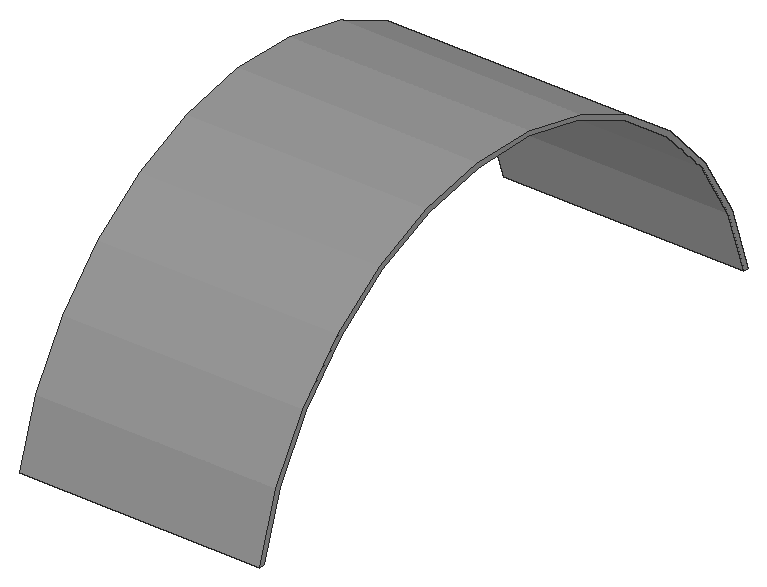
Revit family "Curved Walls Barrel", category Generic Models, Revit 2016
Family settings
  Part Type = Normal
  Can host rebar = No
  Round Connector Dimension = Use Diameter
  Work Plane-Based = No
  Cut with Voids When Loaded = No
  Shared = No
  Room Calculation Point = No
Parameters (values of type "1/2" Thk. x 4' High x 10' Wide")
  Width = 10' - 0"
  URL = "www.curvedwalls.ca"
  Thickness of GWB (1/2") = 0' - 0 1/2"
  Radius = (Height of Barrel / 2) + ((Width ^ 2) / (8 * Height of Barrel))  # 5' - 1 1/2"
  Manufacturer = "Curved Walls Inc"
  built-in parameter 1001306 [instance] = 4' - 0"
  Height of Barrel = 4' - 0"
  Description = "Prefabricated Drywall Profiles"
  Barrel AFF = 6' - 0"
  2 Layers of GWB = yes
Types (3): name | Width | Radius | Height of Barrel
  (no name) | 10' - 0" | 5' - 1 1/2" | 4' - 0"
  1/2" Thk. x 3' High x 6' Wide | 6' - 0" | 3' - 0" | 3' - 0"
  1/2" Thk. x 4' High x 10' Wide | 10' - 0" | 5' - 1 1/2" | 4' - 0"
Reference planes (in)
  plane 1 "Center (Front/Back)": y = 0
  plane 2: z = 0
  plane 3 "Left": x = 0
  plane 4 "Right": x = 48
  plane 5 "CL of Barrel": y = 60
  plane 6: y = 120
Forms (in)
  Sweep 1, solid, material "Gypsum Wall Board - Curved Walls"
    path origin (0, 60, 0) x (-1, 0, 0) y (0, 0, 1)
      loop
        line (0, 72) -> (-48, 72)
    profile "Profile_Barrel : Profile_Barrel" origin (24, 60, 72) x (0, 0, -1) y (0, 1, 0)
      loop
        arc (0, -60) -> (-48, 0) -> (0, 60) r 61.5
        line (0, 60) -> (0, 61)
        arc (0, 61) -> (-48.976, 0) -> (0, -61) r 62.476
        line (0, -61) -> (0, -60)
Lines and regions (in)
  reference lines
    curve 1: line (0, 0, 0) -> (48, 0, 0)
Dimensions and locks (in)
  "built-in parameter 1001306": plane 3 "Left" to plane 4 "Right"
  "Width": plane 6 to plane 1 "Center (Front/Back)"
  "Barrel AFF": Sweep 1 sketch curve to level
  "Barrel AFF": nested 1 to level
  equal spacing: plane 6, plane 5 "CL of Barrel", plane 1 "Center (Front/Back)"
  aligned and locked: plane 4 "Right" to curve 1
  aligned and locked: plane 1 "Center (Front/Back)" to curve 1
  aligned and locked: plane 3 "Left" to curve 1
  aligned and locked: level to plane 2
  aligned and locked: plane 3 "Left" to Sweep 1 sketch curve
  aligned and locked: plane 4 "Right" to Sweep 1 sketch curve
  aligned and locked: plane 5 "CL of Barrel" to nested 1
Nested families (in)
  nested 1: "Barrel Detail" at (0, 60, 58.5) x (0, 1, 0) z (1, 0, 0), type "Barrel Detail"
Definition of nested family "Barrel Detail"
  Parameters (values of type "Barrel Detail")
    Width = 5' - 0"
    Thickness = 0' - 0 1/2"
    Radius = (Height / 2) + ((Width ^ 2) / (8 * Height))  # 2' - 6 3/4"
    Height = 2' - 0"
    2 Layers GWB = no
  Reference planes (in)
    plane 1 "Center (Front/Back)": y = 0
    plane 2: z = 0
    plane 3 "Center (Left/Right)": x = 0
    plane 4: x = -30
    plane 5: x = 30
    plane 6: y = 6.75
    plane 7: y = 30.75
  Lines and regions (in)
    Filled region 1, type "Gypsum", in view "Ref. Level"
      outline origin (0, 0, 0) x (1, 0, 0) y (0, 1, 0)
        loop
          arc (-30, 6.75) -> (0, 30.75) -> (30, 6.75) r 30.75
          line (30, 6.75) -> (30.5, 6.75)
          arc (30.5, 6.75) -> (0, 31.238) -> (-30.5, 6.75) r 31.238
          line (-30.5, 6.75) -> (-30, 6.75)
    Filled region 2, type "Gypsum", in view "Ref. Level", visible <- "2 Layers GWB"
      outline origin (0, 0, 0) x (1, 0, 0) y (0, 1, 0)
        loop
          arc (-30.5, 6.75) -> (0, 31.238) -> (30.5, 6.75) r 31.238
          line (30.5, 6.75) -> (31, 6.75)
          arc (31, 6.75) -> (0, 31.72637) -> (-31, 6.75) r 31.72637
          line (-31, 6.75) -> (-30.5, 6.75)
    reference lines, in view "Ref. Level"
      curve 1: arc (-30, 6.75, 0) -> (0, 30.75, 0) -> (30, 6.75, 0) r 30.75
  Dimensions and locks (in)
    equal spacing: plane 4, plane 3 "Center (Left/Right)", plane 5
    "Width": plane 4 to plane 5
    "Height": plane 7 to plane 6
    "Radius": plane 1 "Center (Front/Back)" to plane 7
    "Thickness": Filled region 1 sketch curve to Filled region 1 sketch curve  (x2)
    "Thickness": Filled region 2 sketch curve to Filled region 2 sketch curve  (x2)
    "Thickness": plane 5 to Filled region 2 sketch curve
    "Thickness": Filled region 2 sketch curve to plane 4
    aligned and locked: plane 1 "Center (Front/Back)" to curve 1
    aligned and locked: plane 3 "Center (Left/Right)" to curve 1
    aligned and locked: plane 5 to curve 1
    aligned and locked: plane 4 to curve 1
    aligned and locked: plane 3 "Center (Left/Right)" to Filled region 1 sketch curve  (x2)
    aligned and locked: plane 1 "Center (Front/Back)" to Filled region 1 sketch curve  (x2)
    aligned and locked: Filled region 1 sketch curve to plane 6  (x2)
    aligned and locked: plane 3 "Center (Left/Right)" to Filled region 2 sketch curve  (x2)
    aligned and locked: plane 1 "Center (Front/Back)" to Filled region 2 sketch curve  (x2)
    aligned and locked: Filled region 2 sketch curve to plane 6  (x2)
  Automatic sketch dimensions
    curve 1 to plane 6 = 0' - 0"
    Filled region 1 sketch curve to plane 4 = 0' - 0"
